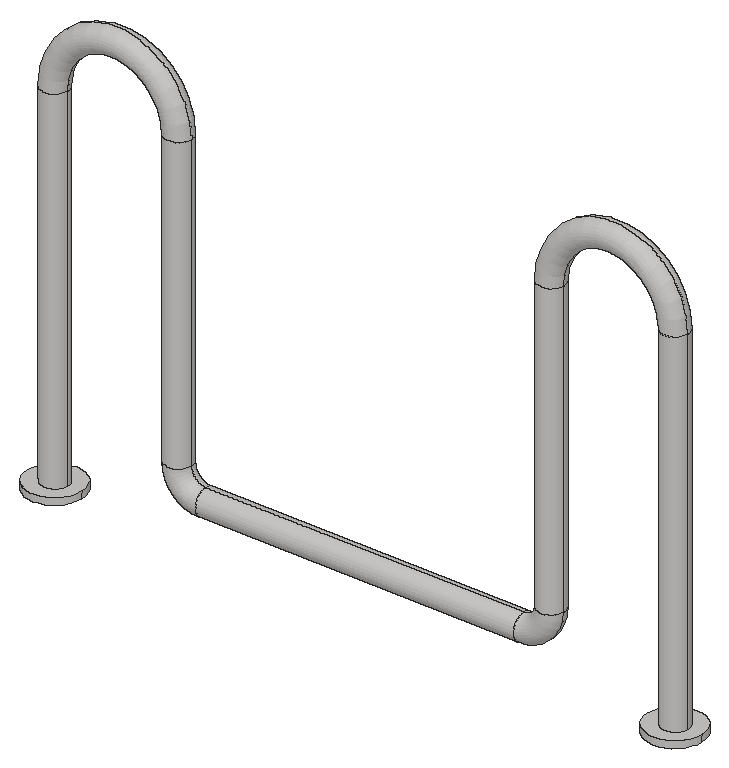
Revit family "Bicycle-Racks_Huntco_HR4", category Site, host Face, Revit 2026
Family settings
  Host = Face
  Round Connector Dimension = Use Diameter
  Part Type = Normal
  Classification Number = 23.40.10.11.11
  Cut with Voids When Loaded = No
  Shared = No
Parameters
  holediameter = if(Flange Mounted, 0' 0 1/2", if(Freestanding, 0' 0 1/32", 0' 6"))  # 0' - 0 1/2"
  holedepth = if(Flange Mounted, 0' 4", if(Freestanding, 0' 0 1/32", 1' 0"))  # 0' - 4"
  flangevisible = not(Embedded Mounted)  # yes
  flangeheight = if(Exposed Flange, 0' 0 1/2", 0' 1 1/4")  # 0' - 0 1/2"
  extralength = if(or(Freestanding, Flange Mounted), 0' 0", 0' 11")  # 0' - 0"
  Warranty Duration (Years) = 0
  Unit Width = 3' - 11 1/2"
  Unit Weight = 0
  Unit Height = 2' - 8"
  URL = "http://www.huntco.com/"
  Test Data = ""
  Specification = "http://www.arcat.com/sdspecs/htm/02871hco.htm"
  SpecWizard = ""
  Send Message = "http://www.arcat.com/users.pl?action=UserEmail&company=Huntco+Supply+LLC&coid=39482&rep=133&fax=503-274-2055&mf="
  Sales Information = ""
  Revision = "R1_11_2012"
  Product Properties = ""
  Product Data = "http://www.arcat.com/arcatcos/cos39/arc39482.html"
  Pipe Diameter = 0' - 1 115/128"
  Model = "HR 4"
  Material Finish = Metal - Steel - Huntco - Stainless
  Manufacturer Website = "http://www.huntco.com/"
  Manufacturer Phone - Toll Free = "800-547-5909"
  Manufacturer Phone = "503-224-8700"
  Manufacturer Fax = "503-274-2055"
  Manufacturer Address = "Huntco Supply LLC P. O. Box 10385 Portland, OR 97296"
  Manufacturer = "Huntco Supply LLC"
  Maintenance Schedule (Months) = 0
  Keynote = "02871"
  Installation-Fabrication = ""
  Installation Phase = ""
  Green Building-LEED = "http://www.arcat.com/green/clients/leed_data_39482.html"
  Freestanding = yes
  Embedded Mounted = not(or(Freestanding, Flange Mounted))  # no
  Flange Mounted = yes
  Exposed Flange = yes
  Expected Lifespan (Years) = 0
  Drawn By = "Sumex Design, Inc. / Robert S. Weygant, CSI, CDT, SCIP"
  Description = "Huntco HR Series Bike Rack - Model HR 4"
  Default Elevation = 4' - 0"
  Covered Flange = not(Exposed Flange)  # no
  Copyright = "©Arcat Inc."
  Construction Details = "http://www.arcat.com/details/huntcosu/huntcosu.html?coid=39482"
  Capacity = "4 Bikes"
  Building Codes = ""
  Assembly Code = "G2040500"
Reference planes (in)
  plane 1 "Center (Front/Back)": y = 0
  plane 2: z = 0
  plane 3 "Center (Left/Right)": x = 0
  plane 4: y = 0.94922
  plane 5: y = -0.94922
  plane 6: x = -23.75
  plane 7: x = 23.75
  plane 8: z = 32
  plane 9: x = -22.80078
  plane 10: x = 22.80078
  plane 11: z = 0.5
  plane 12: z = 0
  plane 13: z = -4
Forms (in)
  Extrusion 1, solid, material "Metal - Steel - Huntco - Stainless" <- "Material Finish", visible <- "flangevisible"
    sketch origin (0, 0, 0) x (1, 0, 0) y (0, 1, 0)
      loop
        circle (-22.80078, 0) r 2
      loop
        circle (22.80078, 0) r 2
    from 0 to 0.5
  Sweep 2, solid, material "Metal - Steel - Huntco - Stainless" <- "Material Finish"
    path origin (0, 0, 0) x (1, 0, 0) y (0, 0, 1)
      loop
        line (-22.80078, 0) -> (-22.80078, 26.5)
        arc (-22.80078, 26.5) -> (-18.25, 31.05078) -> (-13.69922, 26.5) r 4.55078
        line (-13.69922, 26.5) -> (-13.69922, 5)
        arc (-13.69922, 5) -> (-13.11343, 3.58579) -> (-11.69922, 3) r 2
        line (-11.69922, 3) -> (11.69922, 3)
        arc (11.69922, 3) -> (13.11343, 3.58579) -> (13.69922, 5) r 2
        line (13.69922, 5) -> (13.69922, 26.5)
        arc (13.69922, 26.5) -> (18.25, 31.05078) -> (22.80078, 26.5) r 4.55078
        line (22.80078, 26.5) -> (22.80078, 0)
    profile origin (-22.80078, 0, 13.25) x (-1, 0, 0) y (0, -1, 0)
      loop
        circle (0, 0) r 0.94922
  Extrusion 3, void
    sketch origin (0, 0, 0) x (1, 0, 0) y (0, 1, 0)
      loop
        circle (-22.80078, 0) r 0.25
      loop
        circle (22.80078, 0) r 0.25
    from -4 to 1.48821
Dimensions and locks (in)
  "Unit Height": plane 8 to level
  equal spacing: plane 4, plane 1 "Center (Front/Back)", plane 5
  "Pipe Diameter": plane 4 to plane 5
  equal spacing: plane 7, plane 3 "Center (Left/Right)", plane 6
  "Unit Width": plane 7 to plane 6
  locked: plane 9 to plane 6 at 0.94922
  locked: plane 7 to plane 10 at 0.94922
  plane 10 to plane 9 = 3' - 9 77/128"
  locked: plane 6 to Extrusion 1 sketch curve at 0.94922
  locked: Extrusion 1 sketch curve to plane 7 at 0.94922
  plane 8 to Sweep 2 sketch curve = 0' - 0 243/256"  (x2)
  locked: Sweep 2 sketch curve to plane 2 at 3
  "flangeheight": plane 11 to host face
  "extralength": host face to plane 12
  "holedepth": host face to plane 13
  locked: plane 6 to Extrusion 3 sketch curve at 0.94922
  locked: Extrusion 3 sketch curve to plane 7 at 0.94922
  "holediameter": Extrusion 3 sketch curve to Extrusion 3 sketch curve  (x2)
  radius of Sweep 2 sketch curve = 0' - 0 243/256"
  aligned and locked: plane 2 to host face
  aligned and locked: level to host face
  aligned and locked: plane 9 to Sweep 2 sketch curve
  aligned and locked: plane 10 to Sweep 2 sketch curve
  aligned and locked: plane 11 to Extrusion 1
  aligned and locked: plane 12 to Sweep 2 sketch curve  (x2)
  aligned and locked: Extrusion 3 to plane 13
Automatic sketch dimensions
  host sketch curve to host sketch curve = 8' - 0"  (x2)
  Extrusion 1 sketch curve to plane 1 "Center (Front/Back)" = 0' - 0"  (x2)
  Sweep 2 sketch curve to plane 1 "Center (Front/Back)" = 0' - 0"
  Sweep 2 sketch curve to profile plane = 0' - 0"
  Sweep 2 sketch curve to Sweep 2 sketch curve = 0' - 4 141/256"
  Sweep 2 sketch curve to Sweep 2 sketch curve = 0' - 2"  (x2)
  Sweep 2 sketch curve to plane 10 = 0' - 11 13/128"
  Extrusion 3 sketch curve to plane 1 "Center (Front/Back)" = 0' - 0"  (x2)
  radius of Extrusion 1 sketch curve = 0' - 2"  (x2)
